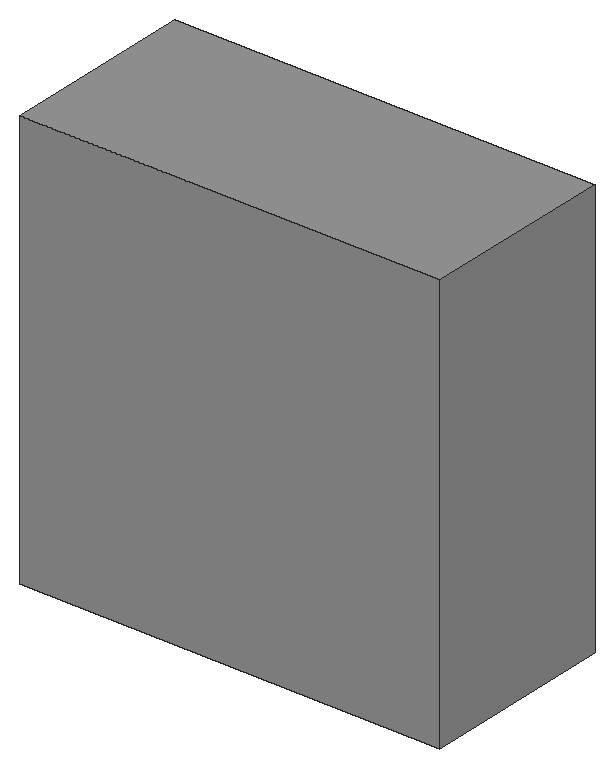
Revit family "SHG_Bedienfeld_V1700", category Sicherheitsgeräte, Revit 2017
Family settings
  Beschriftungsausrichtung beibehalten = Nein
  Bemaßung runder Anschluss = Durchmesser verwenden
  Teiletyp = Normal
  OmniClass-Nummer = 23.85.30.00
  OmniClass-Titel = Safety and Security Information Systems
  Arbeitsebenenbasiert = Nein
  Immer vertikal = Ja
  Beim Laden mit Abzugskörper schneiden = Ja
  Gemeinsam genutzt = Nein
  Raumberechnungspunkt = Nein
Parameters (values of type "Tableau_Tuerzustandsueberwachung")
  pbr_Material_KZ = ""
  pbr_Material = none
  pbr_E_Typ = ""
  pbr_E_KZ = ""
  pbr_DINBild = 0
  pbr_Bild = 0
  pbr_3Dx_Delta_Korrekturversatz [instance] = 0 mm
  pbr_3DX_Versatzfaktor [instance] = 0
  pbr_2DY_Versatzfaktor [instance] = 0
  pbr_2DX_Versatzfaktor [instance] = 0
  lfd_STRK [instance] = 0
  cpiFitMatchKey [instance] = "E-BM-BMPA"
  abgesetztes Bedienfeld = no
  Zentrale [instance] = ""
  Winkel [instance] = 90.00°
  Typ [instance] = ""
  Tiefe = 37 mm
  Text3 [instance] = ""
  Text2 [instance] = ""
  Text1 [instance] = ""
  Tableau Türzustandsüberwachung = yes
  Planungsbüro Rohling = "www.pbr.de"
  Netzart = ""
  Menge(Dosenzahl) [instance] = 0
  Länge = Breite  # 80 mm
  Linie/Anschluss [instance] = ""
  Linie [instance] = ""
  Lastklassifizierung = none
  LCD-Bedienteil für EMA und ZUKO = no
  Installationsart [instance] = ""
  Info [instance] = ""
  Gewerk [instance] = "ZK"
  Eckversatz [instance] = 0 mm
  YFrontversatz [instance] = if(pbr_2DY_Versatzfaktor = 300, 0 mm, pbr_2DY_Versatzfaktor * 300 mm)  # 0 mm
  XSeitenversatz [instance] = if(pbr_2DX_Versatzfaktor = 0, 3000 mm, 3000 mm + (pbr_2DX_Versatzfaktor * 300 mm)) + Eckversatz  # 3000 mm
  X3Dversatz [instance] = if([3DX_Versatzkontrolle] = 0, 2000 mm, 2000 mm + ([3DX_Versatzkontrolle] * (300 mm - Breite))) + pbr_3Dx_Delta_Korrekturversatz  # 2000 mm
  Niveau [instance] = 1200 mm
  Bus [instance] = ""
  Breite = 80 mm
  Betriebsstrom ruhe [instance] = 0
  Betriebsstrom max [instance] = 0
  3DX_Versatzkontrolle [instance] = if(pbr_3DX_Versatzfaktor = 0, (pbr_2DX_Versatzfaktor * -1), (((-1 * pbr_3DX_Versatzfaktor) + pbr_2DX_Versatzfaktor) * -1))  # 0
  3DX_Versatz [instance] = if([3DX_Versatzkontrolle] = 0, 2000 mm, 2000 mm + ([3DX_Versatzkontrolle] * (300 mm - Breite))) + pbr_3Dx_Delta_Korrekturversatz  # 2000 mm
Types (3, lengths in mm): name | abgesetztes Bedienfeld | Tableau Türzustandsüberwachung | LCD-Bedienteil für EMA und ZUKO | Gewerk
  abgesetztes_Bedienfeld_ZK | yes | no | no | "ZK"
  LCD_Bedienteil_EMA_ZUKO | no | no | yes | "EMA"
  Tableau_Tuerzustandsueberwachung | no | yes | no | "ZK"
Reference planes
  plane 1 "Mitte (Vorne/Hinten)": y = 0
  plane 2: z = 0
  plane 3 "Mitte (Links/Rechts)": x = 22.5
  plane 4: x = -127.5
  plane 5: x = 172.5
  plane 6: y = 300
  plane 7 "Schalterhinten": y = 0
  plane 8: x = -2977.5
  plane 9: x = 22.5
  plane 10: x = -1977.5
  plane 11: x = -17.5
  plane 12: x = 62.5
  plane 13: z = 1240
  plane 14: z = 1160
  plane 15 "SchalterVorne": y = 37
  plane 16 "3DMitte": x = 22.5
  plane 17 "Achse": z = 1200
  plane 18: z = 1197.5
  plane 19: z = 1202.5
  plane 20 "2DMitte": y = 150
Forms (mm)
  Extrusion 1, solid, material "Stahl, weich, geschweißt"
    sketch origin (0, 20, 0) x (0, 0, 1) y (-1, 0, 0)
      loop
        line (1160, 17.5) -> (1160, -62.5) -> (1240, -62.5) -> (1240, 17.5) -> (1160, 17.5)
    from -17 to 20
Dimensions and locks
  locked: plane 6 to plane 7 "Schalterhinten" at 300
  "XSeitenversatz": plane 8 to plane 9
  plane 8 to plane 3 "Mitte (Links/Rechts)" = 3000 mm
  "YFrontversatz": plane 1 "Mitte (Vorne/Hinten)" to plane 7 "Schalterhinten"
  "Breite": plane 12 to plane 11
  "Länge": plane 13 to plane 14
  plane 9 to plane 10 = 2000 mm
  equal spacing: plane 12, plane 16 "3DMitte", plane 11
  equal spacing: plane 13, plane 17 "Achse", plane 14
  "Niveau": plane 17 "Achse" to level
  "Tiefe": plane 15 "SchalterVorne" to plane 1 "Mitte (Vorne/Hinten)"
  plane 13 to plane 18 = 42.5 mm
  plane 19 to plane 14 = 42.5 mm
  equal spacing: plane 4, plane 9, plane 5, locked at 150 each
  locked: plane 4 to plane 5 at 300
  equal spacing: plane 6, plane 20 "2DMitte", plane 7 "Schalterhinten", locked at 150 each
  locked: plane 9 to plane 10 at 2000
  "3DX_Versatz": plane 3 "Mitte (Links/Rechts)" to plane 10
  aligned and locked: level to plane 2
  aligned and locked: Extrusion 1 sketch curve to plane 14
  aligned and locked: Extrusion 1 sketch curve to plane 11
  aligned and locked: Extrusion 1 sketch curve to plane 13
  aligned and locked: plane 12 to Extrusion 1 sketch curve
  aligned and locked: plane 1 "Mitte (Vorne/Hinten)" to Extrusion 1
  aligned and locked: Extrusion 1 to plane 15 "SchalterVorne"
  aligned and locked: nested 1 to plane 9
  aligned and locked: nested 1 to plane 7 "Schalterhinten"
  aligned and locked: plane 3 "Mitte (Links/Rechts)" to nested 2
  aligned and locked: plane 3 "Mitte (Links/Rechts)" to nested 3
Nested families
  nested 1: "Abgesetztes Bedienfeld (ZK)" at (22.5, 0, 0), visible <- "abgesetztes Bedienfeld", type "Abgesetztes Bedienfeld (ZK)"
  nested 2: "LCD-Bedienteil für EMA und ZUKO" at (22.5, 0, 0), visible <- "LCD-Bedienteil für EMA und ZUKO", Winkel <- "Winkel", type "LCD-Bedienteil für EMA und ZUKO"
    with Winkel 90.00°
  nested 3: "Tableau Türzustandsüberwachung" at (22.5, 0, 0), visible <- "Tableau Türzustandsüberwachung", type "Tableau Türzustandsüberwachung"
Connectors
  electrical at (22.5, 0, 1200)
    settings: on Extrusion 1, index 1, voltage 0 V, apparent load 0 VA, apparent load phase1 0 VA, apparent load phase2 0 VA, apparent load phase3 0 VA, power factor 1, load classification "Sonstige", number of poles 1, system type 10, power factor state 1, is connector primary yes, connector utility no, sub classification motor no, connector description ""
Definition of nested family "Abgesetztes Bedienfeld (ZK)"
  Reference planes
    plane 1 "Mitte (Vorne/Hinten)": y = 0
    plane 2: z = 0
    plane 3 "Mitte (Links/Rechts)": x = 0
  Lines and regions (mm)
    Filled region 1, type "Beton", in view "Referenzebene"
      outline origin (0, 0, 0) x (1, 0, 0) y (0, 1, 0)
        loop
          line (-102.106, 127.028) -> (-102.106, 44.137) -> (-19.215, 44.137) -> (-19.215, 127.028) -> (-102.106, 127.028)
        loop
          line (30.299, 127.197) -> (30.299, 44.305) -> (113.191, 44.305) -> (113.191, 127.197) -> (30.299, 127.197)
    detail lines, in view "Referenzebene"
      curve 1: circle (-60.829, 214.249, 0) r 41.277 normal (0, 0, 1)
      curve 2: circle (-60.829, 214.249, 0) r 41.277 normal (0, 0, 1)
      curve 3: circle (71.745, 214.249, 0) r 41.277 normal (0, 0, 1)
      curve 4: line (153.42, 0, 0) -> (153.42, 300, 0)
      curve 5: line (153.42, 300, 0) -> (-146.58, 300, 0)
      curve 6: line (-146.58, 300, 0) -> (-146.58, 0, 0)
      curve 7: line (-146.58, 0, 0) -> (153.42, 0, 0)
      curve 8: line (-31.642, 243.436, 0) -> (-90.017, 185.062, 0)
      curve 9: line (-31.642, 185.062, 0) -> (-90.017, 243.436, 0)
      curve 10: line (100.932, 243.436, 0) -> (42.558, 185.062, 0)
      curve 11: line (100.932, 185.062, 0) -> (42.558, 243.436, 0)
Definition of nested family "LCD-Bedienteil für EMA und ZUKO"
  Parameters (values of type "LCD-Bedienteil für EMA und ZUKO")
    Winkel [instance] = 90.00°
  Reference planes
    plane 1 "Mitte (Vorne/Hinten)": y = 0
    plane 2: z = 0
    plane 3 "Mitte (Links/Rechts)": x = 0
  Lines and regions (mm)
    detail lines, in view "Referenzebene"
      curve 1: line (-319.581, 360, 0) -> (331.899, 360, 0)
      curve 2: line (331.899, 360, 0) -> (331.899, 0, 0)
      curve 3: line (331.899, 0, 0) -> (-319.581, 0, 0)
      curve 4: line (-319.581, 0, 0) -> (-319.581, 360, 0)
  Dimensions and locks
    "Winkel": angle nested 1 to plane 3 "Mitte (Links/Rechts)"
  Automatic sketch dimensions
    plane 1 "Mitte (Vorne/Hinten)" to curve 4 = 0 mm
    curve 4 to plane 3 "Mitte (Links/Rechts)" = 319.581 mm
    plane 3 "Mitte (Links/Rechts)" to curve 3 = 331.899 mm
    curve 2 to plane 1 "Mitte (Vorne/Hinten)" = 360 mm
  Nested families
    nested 1: "text_LCD-Bedienteil EMA ZUKO" at (0, 185, 0), type "text_LCD-Bedienteil EMA ZUKO", in view "Referenzebene"
  Definition of nested family "text_LCD-Bedienteil EMA ZUKO"
    Parameters (values of type "text_LCD-Bedienteil EMA ZUKO")
      L = yes
      D = yes
      C = yes
    Reference planes
      plane 1 "Mitte (Vorne/Hinten)": y = 0
      plane 2: z = 0
      plane 3 "Mitte (Links/Rechts)": x = 0
    Lines and regions (mm)
      Filled region 1, type "Beton", in view "Referenzebene", visible <- "C"
        outline origin (1652.254, -1028.34, 0) x (1, 0, 0) y (0, 1, 0)
          loop
            line (-1632.541, 1066.003) -> (-1609.43, 1071.459)
            spline (-1609.43, 1071.459) -> (-1630.094, 1105.773) -> (-1663.175, 1121.635) -> (-1700.54, 1120.717) -> (-1733.94, 1104.589) -> (-1755.565, 1074.608) -> (-1763.129, 1037.247) -> (-1759.224, 1001.05) -> (-1743.238, 966.81) -> (-1713.775, 945.074) -> (-1676.305, 939.672) -> (-1640.754, 949.467) -> (-1610.969, 984.402)
            line (-1610.969, 984.402) -> (-1607.772, 993.835) -> (-1606.404, 998.941) -> (-1629.82, 1004.779)
            spline (-1629.82, 1004.779) -> (-1643.155, 976.129) -> (-1666.31, 961.685) -> (-1694.261, 961.002) -> (-1719.707, 973.887) -> (-1733.717, 996.771) -> (-1738.912, 1025.446) -> (-1737.272, 1052.478) -> (-1727.173, 1080.049) -> (-1706.265, 1097.881) -> (-1679.363, 1103.112) -> (-1651.556, 1095.094) -> (-1633.505, 1069.108)
            line (-1633.505, 1069.108) -> (-1632.541, 1066.003)
      Filled region 2, type "Beton", in view "Referenzebene", visible <- "L"
        outline origin (121.896, -1032.354, 0) x (1, 0, 0) y (0, 1, 0)
          loop
            line (-348.774, 1120.011) -> (-372.184, 1120.011) -> (-372.184, 942.626) -> (-261.45, 942.626) -> (-261.45, 963.596) -> (-348.774, 963.596) -> (-348.774, 1120.011)
      Filled region 3, type "Beton", in view "Referenzebene", visible <- "D"
        outline origin (1679.969, -1032.443, 0) x (1, 0, 0) y (0, 1, 0)
          loop
            line (-1579.606, 1120.011) -> (-1579.606, 942.626) -> (-1514.73, 942.626)
            spline (-1514.73, 942.626) -> (-1486.192, 945.867) -> (-1466.08, 954.456) -> (-1450.87, 969.19) -> (-1440.463, 988.281) -> (-1434.65, 1009.899) -> (-1432.952, 1031.093) -> (-1434.248, 1052.074) -> (-1439.649, 1073.884) -> (-1450.554, 1094.023) -> (-1465.775, 1108.52) -> (-1485.479, 1117.154) -> (-1511.238, 1120.011)
            line (-1511.238, 1120.011) -> (-1579.606, 1120.011)
          loop
            line (-1556.171, 963.685) -> (-1513.712, 963.685)
            spline (-1513.712, 963.685) -> (-1507.122, 964.028) -> (-1502.078, 964.498) -> (-1498.256, 965.042) -> (-1495.33, 965.605) -> (-1492.98, 966.153) -> (-1490.915, 966.752) -> (-1488.852, 967.498) -> (-1486.509, 968.489) -> (-1483.626, 969.821) -> (-1480.286, 971.617) -> (-1476.855, 974.015) -> (-1473.708, 977.156)
            spline (-1473.708, 977.156) -> (-1463.315, 994.174) -> (-1459.555, 1006.254) -> (-1457.481, 1019.417) -> (-1456.828, 1032.796) -> (-1457.198, 1044.073) -> (-1459.54, 1058.845) -> (-1463.156, 1069.752) -> (-1470.015, 1081.077) -> (-1478.837, 1090.075) -> (-1489.758, 1095.98) -> (-1502.9, 1098.466) -> (-1516.171, 1099.08)
            line (-1516.171, 1099.08) -> (-1556.171, 1099.08) -> (-1556.171, 963.685)
Definition of nested family "Tableau Türzustandsüberwachung"
  Reference planes
    plane 1 "Mitte (Vorne/Hinten)": y = 0
    plane 2: z = 0
    plane 3 "Mitte (Links/Rechts)": x = 0
  Lines and regions (mm)
    detail lines, in view "Referenzebene"
      curve 1: circle (-160.58, 135, 0) r 86.808 normal (0, 0, 1)
      curve 2: line (260.351, 0, 0) -> (-279.649, 0, 0)
      curve 3: line (-279.649, 0, 0) -> (-279.649, 270, 0)
      curve 4: line (-279.649, 270, 0) -> (260.351, 270, 0)
      curve 5: line (260.351, 270, 0) -> (260.351, 0, 0)
      curve 6: line (-99.197, 73.618, 0) -> (-221.962, 196.382, 0)
      curve 7: line (-99.197, 196.382, 0) -> (-221.962, 73.618, 0)
      curve 8: line (-14.649, 240, 0) -> (-14.649, 210, 0)
      curve 9: line (-14.649, 210, 0) -> (135.351, 210, 0)
      curve 10: line (135.351, 210, 0) -> (135.351, 240, 0)
      curve 11: line (135.351, 240, 0) -> (-14.649, 240, 0)
      curve 12: line (-14.649, 180, 0) -> (-14.649, 150, 0)
      curve 13: line (-14.649, 150, 0) -> (135.351, 150, 0)
      curve 14: line (135.351, 150, 0) -> (135.351, 180, 0)
      curve 15: line (135.351, 180, 0) -> (-14.649, 180, 0)
      curve 16: line (-14.649, 120, 0) -> (-14.649, 90, 0)
      curve 17: line (-14.649, 90, 0) -> (135.351, 90, 0)
      curve 18: line (135.351, 90, 0) -> (135.351, 120, 0)
      curve 19: line (135.351, 120, 0) -> (-14.649, 120, 0)
      curve 20: line (-14.649, 60, 0) -> (-14.649, 30, 0)
      curve 21: line (-14.649, 30, 0) -> (135.351, 30, 0)
      curve 22: line (135.351, 30, 0) -> (135.351, 60, 0)
      curve 23: line (135.351, 60, 0) -> (-14.649, 60, 0)
      curve 24: line (160.351, 240, 0) -> (160.351, 210, 0)
      curve 25: line (160.351, 210, 0) -> (210.351, 210, 0)
      curve 26: line (210.351, 210, 0) -> (210.351, 240, 0)
      curve 27: line (210.351, 240, 0) -> (160.351, 240, 0)
      curve 28: line (160.351, 180, 0) -> (160.351, 150, 0)
      curve 29: line (160.351, 150, 0) -> (210.351, 150, 0)
      curve 30: line (210.351, 150, 0) -> (210.351, 180, 0)
      curve 31: line (210.351, 180, 0) -> (160.351, 180, 0)
      curve 32: line (160.351, 120, 0) -> (160.351, 90, 0)
      curve 33: line (160.351, 90, 0) -> (210.351, 90, 0)
      curve 34: line (210.351, 90, 0) -> (210.351, 120, 0)
      curve 35: line (210.351, 120, 0) -> (160.351, 120, 0)
      curve 36: line (160.351, 60, 0) -> (160.351, 30, 0)
      curve 37: line (160.351, 30, 0) -> (210.351, 30, 0)
      curve 38: line (210.351, 30, 0) -> (210.351, 60, 0)
      curve 39: line (210.351, 60, 0) -> (160.351, 60, 0)
